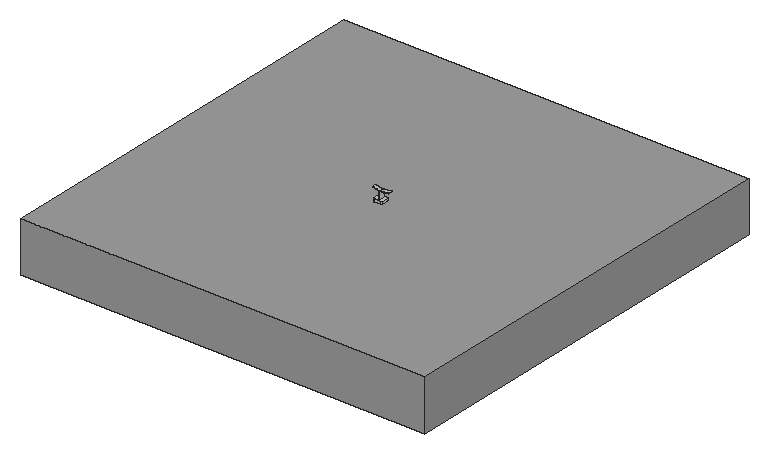
Revit family
Parameters (values of type "B-6727")
  URL = "www.bobrick.com"
  Type Comments = "Satin Finish Stainless Steel"
  Radius = 0' - 0 1/4"
  Product Page URL = ""
  Product Name = "Classic Series Surface Monted Double Robe Hook"
  Model = "B-672 Series"
  Manufacturer = "Bobrick Washroom Equipment, Inc."
  Keynote = ""
  Finish Material = Stainless Steel-Bobrick-Satin
  Default Elevation = 3' - 2"
  Assembly Code = "C1030210"
  ADA Compliant = yes
Types (3): name | Type Comments | Finish Material
  (no name) | "Satin Finish Stainless Steel" | Stainless Steel-Bobrick-Satin
  B-672 | "Bright Polished Stainless Steel" | Stainless Steel-Bobrick-Bright Polished
  B-6727 | "Satin Finish Stainless Steel" | Stainless Steel-Bobrick-Satin
Reference planes (in)
  plane 1 "Center (Front/Back)": y = 0
  plane 2: z = 0
  plane 3 "Center (Left/Right)": x = 0
  plane 4: x = -1
  plane 5: x = 1
  plane 6: y = -2
  plane 7 "Front of Wall Mount": z = 0.5
  plane 8: x = -0.02586
  plane 9: x = 0.02586
  plane 10: y = -1.5
  plane 11: y = -0.3125
  plane 12: z = 2.25
  plane 13: x = 2
  plane 14: x = -2
  plane 15: z = 2.3125
Forms (in)
  Extrusion 1, solid
    sketch origin (0, 0, 0) x (1, 0, 0) y (0, 1, 0)
      loop
        line (-48, 48) -> (-48, -48) -> (48, -48) -> (48, 48) -> (-48, 48)
    from 0 to -12
  Extrusion 2, solid, material "Stainless Steel-Bobrick-Satin" <- "Finish Material"
    sketch origin (0, 0, 0) x (1, 0, 0) y (0, 1, 0)
      loop
        arc (-0.75, 0) -> (-0.92678, -0.07322) -> (-1, -0.25) r 0.25
        line (-1, -0.25) -> (-1, -1.75)
        arc (-1, -1.75) -> (-0.92678, -1.92678) -> (-0.75, -2) r 0.25
        line (-0.75, -2) -> (0.75, -2)
        arc (0.75, -2) -> (0.92678, -1.92678) -> (1, -1.75) r 0.25
        line (1, -1.75) -> (1, -0.25)
        arc (1, -0.25) -> (0.92678, -0.07322) -> (0.75, 0) r 0.25
        line (0.75, 0) -> (-0.75, 0)
    from 0 to 0.5
  Extrusion 3, solid, material "Stainless Steel-Bobrick-Satin" <- "Finish Material"
    sketch origin (0, 0, 0.5) x (0, 1, 0) y (-1, 0, 0)
      loop
        line (-0.3125, 0.02586) -> (-1.5, 0.02586) -> (-1.5, -0.02586) -> (-0.3125, -0.02586) -> (-0.3125, 0.02586)
    from 0 to 1.75
  Extrusion 4, solid, material "Stainless Steel-Bobrick-Satin" <- "Finish Material"
    sketch origin (0, 0, 0.5) x (0, 1, 0) y (-1, 0, 0)
      loop
        line (-0.1884, 2) -> (-1.03546, 2)
        arc (-1.03546, 2) -> (-1.06985, 1.98969) -> (-1.09289, 1.96216) r 0.0625
        arc (-1.09289, 1.96216) -> (-1.49633, 0) -> (-1.09289, -1.96216) r 4.97328
        arc (-1.09289, -1.96216) -> (-1.06985, -1.98969) -> (-1.03546, -2) r 0.0625
        line (-1.03546, -2) -> (-0.1884, -2)
        arc (-0.1884, -2) -> (-0.13995, -1.97699) -> (-0.12718, -1.92489) r 0.0625
        arc (-0.12718, -1.92489) -> (-0.32336, 0) -> (-0.12718, 1.92489) r 9.54154
        arc (-0.12718, 1.92489) -> (-0.13995, 1.97699) -> (-0.1884, 2) r 0.0625
    from 1.75 to 1.8125
Lines and regions (in)
  Masking region 1
    outline origin (0, 0, 0.5) x (0, 1, 0) y (-1, 0, 0)
      loop
        arc (-0.12718, -1.92489) -> (-0.21041, -1.46377) -> (-0.27091, -0.99912) r 9.54154
        arc (-0.27091, -0.99912) -> (-0.08078, -0.93402) -> (0, -0.75) r 0.25
        line (0, -0.75) -> (0, 0.75)
        arc (0, 0.75) -> (-0.08078, 0.93402) -> (-0.27091, 0.99912) r 0.25
        arc (-0.27091, 0.99912) -> (-0.21041, 1.46377) -> (-0.12718, 1.92489) r 9.54154
        arc (-0.12718, 1.92489) -> (-0.13995, 1.97699) -> (-0.1884, 2) r 0.0625
        line (-0.1884, 2) -> (-1.03546, 2)
        arc (-1.03546, 2) -> (-1.06985, 1.98969) -> (-1.09289, 1.96216) r 0.0625
        arc (-1.09289, 1.96216) -> (-1.26827, 1.48875) -> (-1.39475, 1) r 4.97328
        line (-1.39475, 1) -> (-1.75, 1)
        arc (-1.75, 1) -> (-1.92678, 0.92678) -> (-2, 0.75) r 0.25
        line (-2, 0.75) -> (-2, -0.75)
        arc (-2, -0.75) -> (-1.92678, -0.92678) -> (-1.75, -1) r 0.25
        line (-1.75, -1) -> (-1.39475, -1)
        arc (-1.39475, -1) -> (-1.26827, -1.48875) -> (-1.09289, -1.96216) r 4.97328
        arc (-1.09289, -1.96216) -> (-1.06985, -1.98969) -> (-1.03546, -2) r 0.0625
        line (-1.03546, -2) -> (-0.1884, -2)
        arc (-0.1884, -2) -> (-0.13995, -1.97699) -> (-0.12718, -1.92489) r 0.0625
  Masking region 2
    outline origin (0, 0, 0) x (0, 1, 0) y (0, 0, 1)
      loop
        line (-0.3125, 2.25) -> (-0.1259, 2.25) -> (-0.1259, 2.3125) -> (-1.5, 2.3125) -> (-1.5, 0.5) -> (-2, 0.5) -> (-2, 0) -> (0, 0) -> (0, 0.5) -> (-0.3125, 0.5) -> (-0.3125, 2.25)
  Masking region 3
    outline origin (0, 0, 0) x (1, 0, 0) y (0, 0, 1)
      loop
        line (-2, 2.25) -> (-0.02586, 2.25) -> (-0.02586, 0.5) -> (-1, 0.5) -> (-1, 0) -> (1, 0) -> (1, 0.5) -> (0.02586, 0.5) -> (0.02586, 2.25) -> (2, 2.25) -> (2, 2.3125) -> (-2, 2.3125) -> (-2, 2.25)
  symbolic lines, style "Robe Hook"
    curve 1: line (-1, -1.39475, 0.5) -> (-1, -0.27081, 0.5)
    curve 2: line (1, -1.39475, 0.5) -> (1, -0.27081, 0.5)
    curve 3: line (0, -0.3125, 2.25) -> (0, -1.5, 2.25)
    curve 4: line (0, -0.3125, 0.5) -> (0, -1.5, 0.5)
    curve 5: line (-0.02586, 0, 2.25) -> (0.02586, 0, 2.25)
    curve 6: line (-0.02586, 0, 0.5) -> (0.02586, 0, 0.5)
Dimensions and locks (in)
  equal spacing: plane 4, plane 3 "Center (Left/Right)", plane 5
  locked: plane 4 to plane 5 at 2
  locked: plane 6 to plane 1 "Center (Front/Back)" at 2
  locked: plane 7 "Front of Wall Mount" to level at 0.5
  equal spacing: plane 8, plane 3 "Center (Left/Right)", plane 9
  locked: plane 8 to plane 9 at 0.05171
  locked: plane 10 to plane 6 at 0.5
  locked: plane 11 to plane 1 "Center (Front/Back)" at 0.3125
  locked: plane 12 to plane 7 "Front of Wall Mount" at 1.75
  equal spacing: plane 14, plane 3 "Center (Left/Right)", plane 13
  locked: plane 14 to plane 13 at 4
  locked: plane 15 to plane 12 at 0.0625
  locked: plane 1 "Center (Front/Back)" to Masking region 2 sketch curve at 0.1259
  "Radius": radius of Extrusion 2 sketch curve  (x4)
  aligned and locked: plane 2 to Extrusion 1
  aligned and locked: level to Extrusion 1
  aligned and locked: plane 1 "Center (Front/Back)" to Extrusion 2 sketch curve
  aligned and locked: plane 4 to Extrusion 2 sketch curve
  aligned and locked: plane 6 to Extrusion 2 sketch curve
  aligned and locked: plane 5 to Extrusion 2 sketch curve
  aligned and locked: plane 7 "Front of Wall Mount" to Extrusion 2
  aligned and locked: Extrusion 2 to level
  aligned and locked: Extrusion 3 sketch curve to plane 11
  aligned and locked: plane 8 to Extrusion 3 sketch curve
  aligned and locked: plane 10 to Extrusion 3 sketch curve
  aligned and locked: plane 9 to Extrusion 3 sketch curve
  aligned and locked: plane 12 to Extrusion 3
  aligned and locked: Extrusion 3 to plane 7 "Front of Wall Mount"
  aligned and locked: Extrusion 4 to Extrusion 3
  aligned and locked: plane 15 to Extrusion 4
  aligned and locked: Masking region 1 sketch curve to Extrusion 4  (x6)
  aligned and locked: Masking region 1 sketch curve to Extrusion 2  (x4)
  aligned and locked: plane 4 to curve 1
  aligned and locked: curve 2 to plane 5
  aligned and locked: Extrusion 4 to Masking region 2 sketch curve  (x2)
  aligned and locked: Masking region 2 sketch curve to Extrusion 3  (x2)
  aligned and locked: Masking region 2 sketch curve to Extrusion 2
  aligned and locked: plane 1 "Center (Front/Back)" to Masking region 2 sketch curve
  aligned and locked: Extrusion 1 to Masking region 2 sketch curve
  aligned and locked: plane 6 to Masking region 2 sketch curve
  aligned and locked: curve 3 to plane 12
  aligned and locked: plane 10 to curve 3
  aligned and locked: plane 11 to curve 3
  aligned and locked: curve 4 to Extrusion 2
  aligned and locked: plane 11 to curve 4
  aligned and locked: plane 10 to curve 4
  aligned and locked: Masking region 3 sketch curve to Extrusion 4  (x2)
  aligned and locked: Masking region 3 sketch curve to plane 13
  aligned and locked: plane 14 to Masking region 3 sketch curve
  aligned and locked: Masking region 3 sketch curve to Extrusion 3  (x2)
  aligned and locked: Masking region 3 sketch curve to Extrusion 2  (x2)
  aligned and locked: Masking region 3 sketch curve to plane 4
  aligned and locked: plane 5 to Masking region 3 sketch curve
  aligned and locked: plane 8 to curve 5
  aligned and locked: plane 9 to curve 5
  aligned and locked: curve 5 to Extrusion 3
  aligned and locked: plane 8 to curve 6
  aligned and locked: plane 9 to curve 6
  aligned and locked: curve 6 to Extrusion 2
Automatic sketch dimensions
  Extrusion 1 sketch curve to Extrusion 1 sketch curve = 8' - 0"  (x2)
  Masking region 1 sketch curve to Masking region 1 sketch curve = 0' - 0"  (x6)
  plane 10 to curve 2 = 0' - 0.10525"
  plane 10 to curve 1 = 0' - 0.10525"
  plane 11 to curve 2 = 0' - 0.04169"
  plane 11 to curve 1 = 0' - 0.04169"
  Masking region 2 sketch curve to plane 7 "Front of Wall Mount" = 0' - 0"
  Masking region 3 sketch curve to plane 7 "Front of Wall Mount" = 0' - 0"
  Masking region 3 sketch curve to plane 12 = 0' - 0"
